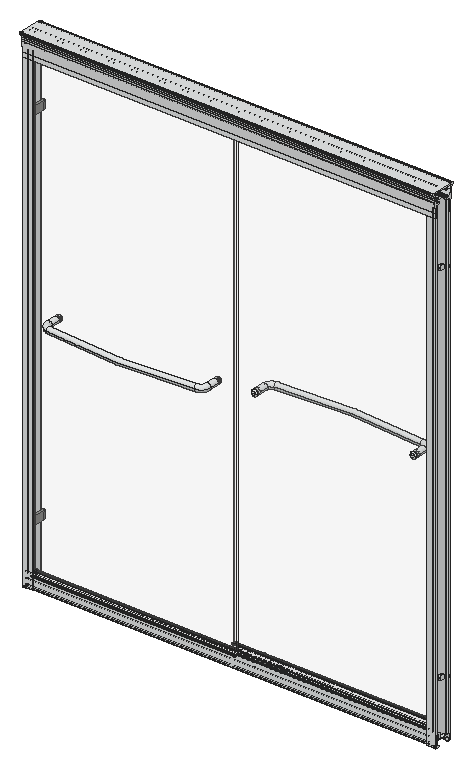
Revit family "Shower-Shower_Door-KOHLER-Fluence-K-702211", category Specialty Equipment, host Face, Revit 2021 (continued)
Definition of nested family "K-702211"
  Lines and regions (in)
    Masking region 2
      outline origin (13.1363, 2.44719, 48) x (0, 1, 0) y (0, 0, 1)
        loop
          arc (-1.52346, 13.33096) -> (-1.50881, 13.34006) -> (-1.50309, 13.35632) r 0.02597
          line (-1.50309, 13.35632) -> (-1.50309, 13.45204)
          arc (-1.50309, 13.45204) -> (-1.47502, 13.45167) -> (-1.46109, 13.4273) r 0.02829
          line (-1.46109, 13.4273) -> (-1.46109, 13.35725)
          arc (-1.46109, 13.35725) -> (-1.46799, 13.32613) -> (-1.48738, 13.30083) r 0.07368
          arc (-1.48738, 13.30083) -> (-1.66515, 13.25266) -> (-1.83501, 13.32388) r 0.28353
          arc (-1.83501, 13.32388) -> (-1.85018, 13.33344) -> (-1.86779, 13.33678) r 0.04811
          line (-1.86779, 13.33678) -> (-1.94477, 13.33678)
          arc (-1.94477, 13.33678) -> (-1.95979, 13.33023) -> (-1.96523, 13.31477) r 0.02051
          arc (-1.96523, 13.31477) -> (-1.93922, 12.84109) -> (-1.93055, 12.36678) r 12.97575
          line (-1.93055, 12.36678) -> (-1.93055, 13.25003) -> (-1.39274, 13.25003) -> (-1.39274, 13.50735) -> (-1.40673, 13.47989) -> (-1.51678, 13.47989) -> (-1.51678, 13.35356) -> (-1.54686, 13.32348) -> (-1.73673, 13.32348) -> (-1.76678, 13.35353) -> (-1.76678, 14.04453) -> (-1.73679, 14.07453) -> (-1.54664, 14.07453) -> (-1.51678, 14.04467) -> (-1.51678, 13.91833) -> (-1.40673, 13.91833) -> (-1.39274, 13.89087) -> (-1.39274, 13.94404)
          arc (-1.39274, 13.94404) -> (-1.35274, 13.98404) -> (-1.31274, 13.94404) r 0.04
          line (-1.31274, 13.94404) -> (-1.31274, 13.85217) -> (-1.27828, 13.85217)
          arc (-1.27828, 13.85217) -> (-1.20699, 13.8003) -> (-1.17314, 13.7189) r 0.16301
          line (-1.17314, 13.7189) -> (-1.24034, 13.7189) -> (-1.24034, 13.67889) -> (-1.17325, 13.67889)
          arc (-1.17325, 13.67889) -> (-1.20727, 13.59802) -> (-1.27828, 13.5465) r 0.16301
          line (-1.27828, 13.5465) -> (-1.31274, 13.5465) -> (-1.31274, 13.25003) -> (-0.4514, 13.25003) -> (-0.4514, 13.5465) -> (-0.48306, 13.5465)
          arc (-0.48306, 13.5465) -> (-0.55407, 13.59802) -> (-0.58809, 13.67889) r 0.16301
          line (-0.58809, 13.67889) -> (-0.521, 13.67889) -> (-0.521, 13.7189) -> (-0.5882, 13.7189)
          arc (-0.5882, 13.7189) -> (-0.55435, 13.8003) -> (-0.48306, 13.85217) r 0.16301
          line (-0.48306, 13.85217) -> (-0.4514, 13.85217) -> (-0.4514, 13.94404)
          arc (-0.4514, 13.94404) -> (-0.4114, 13.98404) -> (-0.3714, 13.94404) r 0.04
          line (-0.3714, 13.94404) -> (-0.3714, 13.89087) -> (-0.35741, 13.91833) -> (-0.2464, 13.91833) -> (-0.2464, 14.04563) -> (-0.2175, 14.07453) -> (-0.0264, 14.07453) -> (0.0036, 14.04453) -> (0.0036, 13.35347) -> (-0.02639, 13.32348) -> (-0.21632, 13.32348) -> (-0.2464, 13.35356) -> (-0.2464, 13.47989) -> (-0.35741, 13.47989) -> (-0.3714, 13.50735) -> (-0.3714, 13.25003) -> (0.16641, 13.25003) -> (0.16641, 12.36678)
          arc (0.16641, 12.36678) -> (0.17508, 12.84109) -> (0.20108, 13.31477) r 12.97575
          arc (0.20108, 13.31477) -> (0.19565, 13.33023) -> (0.18062, 13.33678) r 0.02051
          line (0.18062, 13.33678) -> (0.10365, 13.33678)
          arc (0.10365, 13.33678) -> (0.08603, 13.33344) -> (0.07087, 13.32388) r 0.04811
          arc (0.07087, 13.32388) -> (-0.09441, 13.25301) -> (-0.26907, 13.2958) r 0.28353
          arc (-0.26907, 13.2958) -> (-0.29331, 13.32237) -> (-0.30209, 13.35725) r 0.07368
          line (-0.30209, 13.35725) -> (-0.30209, 13.4273)
          arc (-0.30209, 13.4273) -> (-0.28816, 13.45167) -> (-0.26009, 13.45204) r 0.02829
          line (-0.26009, 13.45204) -> (-0.26009, 13.35632)
          arc (-0.26009, 13.35632) -> (-0.25542, 13.34146) -> (-0.24308, 13.33194) r 0.02597
          arc (-0.24308, 13.33194) -> (-0.18105, 13.31219) -> (-0.11658, 13.30313) r 0.38663
          arc (-0.11658, 13.30313) -> (-0.04699, 13.31554) -> (0.01991, 13.3384) r 0.46285
          line (0.01991, 13.3384) -> (0.01991, 13.38058)
          arc (0.01991, 13.38058) -> (0.02611, 13.39557) -> (0.0411, 13.40178) r 0.02119
          line (0.0411, 13.40178) -> (0.19004, 13.40178)
          arc (0.19004, 13.40178) -> (0.20503, 13.40749) -> (0.21241, 13.42172) r 0.02252
          arc (0.21241, 13.42172) -> (0.26778, 13.79181) -> (0.34801, 14.15733) r 5.54
          arc (0.34801, 14.15733) -> (0.43058, 14.38385) -> (0.5564, 14.58953) r 1.211
        loop
          arc (-1.39637, -47.07406) -> (-1.40172, -47.08811) -> (-1.41555, -47.094) r 0.01919
          line (-1.41555, -47.094) -> (-1.4718, -47.094)
          arc (-1.4718, -47.094) -> (-1.48579, -47.0998) -> (-1.49159, -47.1138) r 0.0198
          line (-1.49159, -47.1138) -> (-1.49159, -47.23049) -> (-1.44467, -47.23049)
          arc (-1.44467, -47.23049) -> (-1.46122, -47.2238) -> (-1.46771, -47.20717) r 0.02254
          line (-1.46771, -47.20717) -> (-1.46431, -47.1098) -> (-1.432, -47.1098)
          arc (-1.432, -47.1098) -> (-1.41711, -47.11328) -> (-1.40529, -47.12299) r 0.03363
          arc (-1.40529, -47.12299) -> (-1.38613, -47.14138) -> (-1.36233, -47.15317) r 0.08743
          line (-1.36233, -47.15317) -> (-1.37943, -46.66399) -> (-1.41242, -46.66399) -> (-1.39637, -47.07406)
        loop
          line (-1.52671, -46.36082) -> (-1.6673, -46.34834) -> (-1.68477, -46.37612) -> (-1.52849, -46.39274) -> (-1.52671, -46.36082)
        loop
          line (0.09641, -47.435) -> (0.11641, -47.46964) -> (0.11641, -47.40036) -> (0.09641, -47.435)
    Masking region 3
      outline origin (0, 0.23733, 31.19818) x (-1, 0, 0) y (0, -1, 0)
        loop
          line (30.532, 0.23733) -> (27.09748, 0.23733) -> (27.09748, 0.41203)
          arc (27.09748, 0.41203) -> (26.79095, 1.23135) -> (26.0219, 1.64825) r 1.24821
          arc (26.0219, 1.64825) -> (16.71361, 2.29361) -> (7.40572, 1.64251) r 67.15317
          arc (7.40572, 1.64251) -> (6.64906, 1.23188) -> (6.34752, 0.42552) r 1.22891
          line (6.34752, 0.42552) -> (6.34752, 0.23733) -> (-21.47587, 0.23733) -> (-21.47587, -2.89667) -> (30.532, -2.89667) -> (30.532, 0.23733)
        loop
          line (7.09748, 0.23733) -> (26.34752, 0.23733) -> (26.34752, 0.4276)
          arc (26.34752, 0.4276) -> (26.17068, 0.79773) -> (25.77163, 0.89273) r 0.47578
          arc (25.77163, 0.89273) -> (16.5638, 1.50537) -> (7.35865, 0.85379) r 67.3615
          arc (7.35865, 0.85379) -> (7.16786, 0.67452) -> (7.09748, 0.42235) r 0.48695
          line (7.09748, 0.42235) -> (7.09748, 0.23733)
    Masking region 4
      outline origin (0, 0, 0) x (1, 0, 0) y (0, 0, 1)
        loop
          line (-3.90075, 1.92671) -> (-3.90075, 59.72667) -> (-30.532, 59.72667) -> (-30.532, 0) -> (-29.32911, 0) -> (-29.32911, 1.92671) -> (-3.90075, 1.92671)
    Masking region 5
      outline origin (0, 0.23733, 31.19818) x (-1, 0, 0) y (0, -1, 0)
        loop
          arc (1.5042, -4.42675) -> (2.36128, -3.98831) -> (2.71648, -3.09352) r 1.36634
          line (2.71648, -3.09352) -> (2.71648, -2.89667) -> (1.96639, -2.89667) -> (1.96639, -3.09352)
          arc (1.96639, -3.09352) -> (1.84044, -3.40838) -> (1.54017, -3.566) r 0.48988
          arc (1.54017, -3.566) -> (-7.6662, -4.16506) -> (-16.87256, -3.566) r 71.0415
          arc (-16.87256, -3.566) -> (-17.16863, -3.38793) -> (-17.28485, -3.06258) r 0.5135
          line (-17.28485, -3.06258) -> (-17.28485, -2.89667) -> (-18.03304, -2.89667) -> (-18.03304, -3.06258)
          arc (-18.03304, -3.06258) -> (-17.68008, -3.98103) -> (-16.80288, -4.42675) r 1.37148
          arc (-16.80288, -4.42675) -> (-7.64934, -4.94372) -> (1.5042, -4.42675) r 81.29638
    symbolic lines, detail levels medium+fine
      curve 1: line (20.1048, 0.56672, 0) -> (20.1048, 0.56672, 61.25003)
      curve 2: line (20.1048, 0.5327, 61.25003) -> (20.1048, 0.5327, 0)
      curve 3: line (20.1048, 0.5247, 61.25003) -> (20.1048, 0.5247, 0)
      curve 4: line (20.1048, 0.57472, 61.25003) -> (20.1048, 0.57472, 0)
      curve 5: line (20.1048, 2.48253, 0.71783) -> (20.1048, 1.00253, 0.76951)
      curve 6: line (20.1048, 2.4825, 0.7488) -> (20.1048, 1.14254, 0.79507)
      curve 7: arc (20.1048, 2.56175, 0.64896) -> (20.1048, 2.54518, 0.71718) -> (20.1048, 2.4825, 0.7488) r 0.08372
      curve 8: arc (20.1048, 2.56302, 0.63448) -> (20.1048, 2.53961, 0.69242) -> (20.1048, 2.48253, 0.71783) r 0.0834
      curve 9: line (20.1048, 0.982, 0.86506) -> (20.1048, 1.00716, 0.86506)
      curve 10: arc (20.1048, 1.00716, 0.86506) -> (20.1048, 1.0217, 0.86307) -> (20.1048, 1.03517, 0.85725) r 0.0541
      curve 11: line (20.1048, 1.06777, 1.33601) -> (20.1048, 1.05948, 1.57316)
      curve 12: line (20.1048, 1.03477, 1.33601) -> (20.1048, 1.02666, 1.5433)
      curve 13: line (20.1048, 0.97216, 1.60158) -> (20.1048, 0.9187, 1.60726)
      curve 14: arc (20.1048, 1.02666, 1.5433) -> (20.1048, 1.01026, 1.58259) -> (20.1048, 0.97216, 1.60158) r 0.061
      curve 15: arc (20.1048, 1.14254, 0.79507) -> (20.1048, 1.1043, 0.81047) -> (20.1048, 1.08486, 0.84683) r 0.06038
      curve 16: arc (20.1048, 1.03517, 0.85725) -> (20.1048, 1.05913, 0.84781) -> (20.1048, 1.08486, 0.84683) r 0.07667
      curve 17: line (20.1048, 1.00394, 1.63176) -> (20.1048, 0.92048, 1.63918)
      curve 18: line (20.1048, 0.77989, 1.65166) -> (20.1048, 0.72429, 1.65696)
      curve 19: line (20.1048, 0.76243, 1.62388) -> (20.1048, 0.70715, 1.62969)
      curve 20: arc (20.1048, 1.05948, 1.57316) -> (20.1048, 1.0428, 1.61297) -> (20.1048, 1.00394, 1.63176) r 0.06097
      curve 21: line (20.1048, 0.97031, 1.63475) -> (20.1048, 0.9686, 1.60195)
      curve 22: line (20.1048, 0.97641, 1.63421) -> (20.1048, 0.97641, 1.60097)
      curve 23: line (20.1048, 0.97641, 1.42237) -> (20.1048, 0.97641, 1.54893)
      curve 24: arc (20.1048, 0.98666, 1.41455) -> (20.1048, 0.9796, 1.41593) -> (20.1048, 0.97641, 1.42237) r 0.00811
      curve 25: arc (20.1048, 1.03247, 1.39494) -> (20.1048, 1.04897, 1.39026) -> (20.1048, 1.06596, 1.38782) r 0.12854
      curve 26: line (20.1048, 0.73576, 1.58146) -> (20.1048, 0.69494, 1.5858)
      curve 27: line (20.1048, 0.6746, 1.56751) -> (20.1048, 0.6746, 1.48969)
      curve 28: line (20.1048, 0.6296, 1.50495) -> (20.1048, 0.6296, 1.41568)
      curve 29: arc (20.1048, 0.69494, 1.5858) -> (20.1048, 0.68069, 1.58119) -> (20.1048, 0.6746, 1.56751) r 0.01839
      curve 30: arc (20.1048, 0.59121, 1.44543) -> (20.1048, 0.58974, 1.43659) -> (20.1048, 0.59121, 1.42775) r 0.02721
      curve 31: line (20.1048, 0.95641, 1.38601) -> (20.1048, 0.96597, 1.55698)
      curve 32: line (20.1048, 0.98778, 1.38601) -> (20.1048, 0.95641, 1.38601)
      curve 33: line (20.1048, 0.98115, 1.55537) -> (20.1048, 0.98974, 1.33601)
      curve 34: line (20.1048, 0.91618, 1.56227) -> (20.1048, 0.98115, 1.55537)
      curve 35: arc (20.1048, 0.96597, 1.55698) -> (20.1048, 0.97868, 1.54559) -> (20.1048, 0.98219, 1.52888) r 0.02743
      curve 36: line (20.1048, 1.03282, 1.38601) -> (20.1048, 1.06602, 1.38601)
      curve 37: line (20.1048, 1.06145, 0.78904) -> (20.1048, 1.64435, 0.76868)
      curve 38: arc (20.1048, 1.00382, 0.8065) -> (20.1048, 1.0315, 0.79401) -> (20.1048, 1.06145, 0.78904) r 0.11746
      curve 39: line (20.1048, 1.00382, 0.8065) -> (20.1048, 1.00382, 0.86506)
      curve 40: line (20.1048, 2.6056, 61.25003) -> (20.1048, 2.6056, 0)
      curve 41: line (20.1048, 2.5716, 61.25003) -> (20.1048, 2.5716, 0)
      curve 42: line (20.1048, 2.5636, 0) -> (20.1048, 2.5636, 0.53036)
      curve 43: line (20.1048, 2.6136, 0.14503) -> (20.1048, 2.6136, 1.60672)
      curve 44: line (20.1048, 2.5636, 0.59964) -> (20.1048, 2.5636, 61.25003)
      curve 45: line (20.1048, 2.5496, 61.25003) -> (20.1048, 2.5496, 0.71107)
      curve 46: arc (20.1048, 4.02527, 31.57321) -> (20.1048, 4.39929, 31.19919) -> (20.1048, 4.02527, 30.82518) r 0.37402
      curve 47: line (20.1048, 3.0406, 31.57321) -> (20.1048, 3.0406, 30.82518)
      curve 48: arc (20.1048, -0.89503, 31.57321) -> (20.1048, -1.26905, 31.19919) -> (20.1048, -0.89503, 30.82518) r 0.37402
      curve 49: line (20.1048, 0.08964, 31.57321) -> (20.1048, 0.08964, 30.82518)
      curve 50: arc (20.1048, 2.5476, 0) -> (20.1048, 2.55891, 0.00469) -> (20.1048, 2.5636, 0.016) r 0.016
      curve 51: line (20.1048, 1.68539, 7.67378) -> (20.1048, 1.46281, 7.67378)
      curve 52: arc (20.1048, 1.46281, 7.67378) -> (20.1048, 1.41862, 7.65548) -> (20.1048, 1.40032, 7.61129) r 0.06249
      curve 53: line (20.1048, 1.40032, 7.61129) -> (20.1048, 1.40032, 7.38871)
      curve 54: arc (20.1048, 1.40032, 7.38871) -> (20.1048, 1.41862, 7.34452) -> (20.1048, 1.46281, 7.32622) r 0.06249
      curve 55: line (20.1048, 1.46281, 7.32622) -> (20.1048, 1.68539, 7.32622)
      curve 56: arc (20.1048, 1.68539, 7.32622) -> (20.1048, 1.72958, 7.34452) -> (20.1048, 1.74788, 7.38871) r 0.06249
      curve 57: line (20.1048, 1.74788, 7.38871) -> (20.1048, 1.74788, 7.61129)
      curve 58: arc (20.1048, 1.74788, 7.61129) -> (20.1048, 1.72958, 7.65548) -> (20.1048, 1.68539, 7.67378) r 0.06249
      curve 59: line (20.1048, 1.69285, 7.74375) -> (20.1048, 1.45535, 7.74375)
      curve 60: arc (20.1048, 1.45535, 7.74375) -> (20.1048, 1.36696, 7.70714) -> (20.1048, 1.33035, 7.61875) r 0.125
      curve 61: line (20.1048, 1.33035, 7.61875) -> (20.1048, 1.33035, 7.38125)
      curve 62: arc (20.1048, 1.33035, 7.38125) -> (20.1048, 1.36696, 7.29286) -> (20.1048, 1.45535, 7.25625) r 0.125
      curve 63: line (20.1048, 1.45535, 7.25625) -> (20.1048, 1.69285, 7.25625)
      curve 64: arc (20.1048, 1.69285, 7.25625) -> (20.1048, 1.78124, 7.29286) -> (20.1048, 1.81785, 7.38125) r 0.125
      curve 65: line (20.1048, 1.81785, 7.38125) -> (20.1048, 1.81785, 7.61875)
      curve 66: arc (20.1048, 1.81785, 7.61875) -> (20.1048, 1.78124, 7.70714) -> (20.1048, 1.69285, 7.74375) r 0.125
      curve 67: line (20.1048, 1.69285, 7.73588) -> (20.1048, 1.45535, 7.73588)
      curve 68: arc (20.1048, 1.45535, 7.73588) -> (20.1048, 1.37253, 7.70157) -> (20.1048, 1.33822, 7.61875) r 0.11713
      curve 69: line (20.1048, 1.33822, 7.61875) -> (20.1048, 1.33822, 7.38125)
      curve 70: arc (20.1048, 1.33822, 7.38125) -> (20.1048, 1.37253, 7.29843) -> (20.1048, 1.45535, 7.26412) r 0.11713
      curve 71: line (20.1048, 1.45535, 7.26412) -> (20.1048, 1.69285, 7.26412)
      curve 72: arc (20.1048, 1.69285, 7.26412) -> (20.1048, 1.77567, 7.29843) -> (20.1048, 1.80997, 7.38125) r 0.11713
      curve 73: line (20.1048, 1.80997, 7.38125) -> (20.1048, 1.80997, 7.61875)
      curve 74: arc (20.1048, 1.80997, 7.61875) -> (20.1048, 1.77567, 7.70157) -> (20.1048, 1.69285, 7.73588) r 0.11713
      curve 75: line (20.1048, 2.68115, 7.3125) -> (20.1048, 2.68115, 7.6875)
      curve 76: arc (20.1048, 2.67509, 7.2568) -> (20.1048, 2.67963, 7.28449) -> (20.1048, 2.68115, 7.3125) r 0.25877
      curve 77: arc (20.1048, 2.67509, 7.2568) -> (20.1048, 2.64285, 7.23237) -> (20.1048, 2.6136, 7.26031) r 0.03119
      curve 78: arc (20.1048, 2.68115, 7.6875) -> (20.1048, 2.67967, 7.71473) -> (20.1048, 2.67525, 7.74164) r 0.25128
      curve 79: arc (20.1048, 2.67525, 7.74164) -> (20.1048, 2.64591, 7.7668) -> (20.1048, 2.6136, 7.74558) r 0.03215
      curve 80: line (20.1048, 2.67043, 7.75282) -> (20.1048, 2.67043, 7.87253)
      curve 81: arc (20.1048, 2.67043, 7.87253) -> (20.1048, 2.66962, 7.89711) -> (20.1048, 2.66721, 7.92159) r 0.3763
      curve 82: arc (20.1048, 2.6136, 7.9674) -> (20.1048, 2.64369, 7.94834) -> (20.1048, 2.66721, 7.92159) r 0.12537
      curve 83: line (20.1048, 2.6136, 7.97377) -> (20.1048, 2.6136, 7.0272)
      curve 84: arc (20.1048, 2.66721, 7.92159) -> (20.1048, 2.63573, 7.93184) -> (20.1048, 2.6136, 7.90723) r 0.03036
      curve 85: arc (20.1048, 2.68115, 7.3125) -> (20.1048, 2.67967, 7.28527) -> (20.1048, 2.67525, 7.25836) r 0.25128
      curve 86: arc (20.1048, 2.67525, 7.25836) -> (20.1048, 2.64591, 7.2332) -> (20.1048, 2.6136, 7.25442) r 0.03215
      curve 87: line (20.1048, 2.67043, 7.24718) -> (20.1048, 2.67043, 7.12747)
      curve 88: arc (20.1048, 2.67043, 7.12747) -> (20.1048, 2.66962, 7.10289) -> (20.1048, 2.66721, 7.07841) r 0.3763
      curve 89: arc (20.1048, 2.6136, 7.0326) -> (20.1048, 2.64369, 7.05166) -> (20.1048, 2.66721, 7.07841) r 0.12537
      curve 90: arc (20.1048, 2.66721, 7.07841) -> (20.1048, 2.63573, 7.06816) -> (20.1048, 2.6136, 7.09277) r 0.03036
      curve 91: line (20.1048, 2.68115, 53.56296) -> (20.1048, 2.68115, 53.93796)
      curve 92: arc (20.1048, 2.67509, 53.50726) -> (20.1048, 2.67963, 53.53494) -> (20.1048, 2.68115, 53.56296) r 0.25877
      curve 93: arc (20.1048, 2.67509, 53.50726) -> (20.1048, 2.64285, 53.48283) -> (20.1048, 2.6136, 53.51076) r 0.03119
      curve 94: arc (20.1048, 2.68115, 53.93796) -> (20.1048, 2.67967, 53.96519) -> (20.1048, 2.67525, 53.9921) r 0.25128
      curve 95: arc (20.1048, 2.67525, 53.9921) -> (20.1048, 2.64591, 54.01725) -> (20.1048, 2.6136, 53.99603) r 0.03215
      curve 96: line (20.1048, 2.67043, 54.00327) -> (20.1048, 2.67043, 54.12298)
      curve 97: arc (20.1048, 2.67043, 54.12298) -> (20.1048, 2.66962, 54.14757) -> (20.1048, 2.66721, 54.17205) r 0.3763
      curve 98: arc (20.1048, 2.6136, 54.21785) -> (20.1048, 2.64369, 54.1988) -> (20.1048, 2.66721, 54.17205) r 0.12537
      curve 99: line (20.1048, 2.6136, 54.22182) -> (20.1048, 2.6136, 53.2771)
      curve 100: arc (20.1048, 2.66721, 54.17205) -> (20.1048, 2.63573, 54.1823) -> (20.1048, 2.6136, 54.15768) r 0.03036
      curve 101: arc (20.1048, 2.68115, 53.56296) -> (20.1048, 2.67967, 53.53573) -> (20.1048, 2.67525, 53.50882) r 0.25128
      curve 102: arc (20.1048, 2.67525, 53.50882) -> (20.1048, 2.64591, 53.48366) -> (20.1048, 2.6136, 53.50488) r 0.03215
      curve 103: line (20.1048, 2.67043, 53.49764) -> (20.1048, 2.67043, 53.37793)
      curve 104: arc (20.1048, 2.67043, 53.37793) -> (20.1048, 2.66962, 53.35334) -> (20.1048, 2.66721, 53.32886) r 0.3763
      curve 105: arc (20.1048, 2.6136, 53.28306) -> (20.1048, 2.64369, 53.30212) -> (20.1048, 2.66721, 53.32886) r 0.12537
      curve 106: arc (20.1048, 2.66721, 53.32886) -> (20.1048, 2.63573, 53.31861) -> (20.1048, 2.6136, 53.34323) r 0.03036
      curve 107: line (20.1048, 1.68539, 53.92381) -> (20.1048, 1.46281, 53.92381)
      curve 108: arc (20.1048, 1.46281, 53.92381) -> (20.1048, 1.41862, 53.90551) -> (20.1048, 1.40032, 53.86132) r 0.06249
      curve 109: line (20.1048, 1.40032, 53.86132) -> (20.1048, 1.40032, 53.63874)
      curve 110: arc (20.1048, 1.40032, 53.63874) -> (20.1048, 1.41862, 53.59455) -> (20.1048, 1.46281, 53.57625) r 0.06249
      curve 111: line (20.1048, 1.46281, 53.57625) -> (20.1048, 1.68539, 53.57625)
      curve 112: arc (20.1048, 1.68539, 53.57625) -> (20.1048, 1.72958, 53.59455) -> (20.1048, 1.74788, 53.63874) r 0.06249
      curve 113: line (20.1048, 1.74788, 53.63874) -> (20.1048, 1.74788, 53.86132)
      curve 114: arc (20.1048, 1.74788, 53.86132) -> (20.1048, 1.72958, 53.90551) -> (20.1048, 1.68539, 53.92381) r 0.06249
      curve 115: line (20.1048, 1.69285, 53.99378) -> (20.1048, 1.45535, 53.99378)
      curve 116: arc (20.1048, 1.45535, 53.99378) -> (20.1048, 1.36696, 53.95717) -> (20.1048, 1.33035, 53.86878) r 0.125
      curve 117: line (20.1048, 1.33035, 53.86878) -> (20.1048, 1.33035, 53.63128)
      curve 118: arc (20.1048, 1.33035, 53.63128) -> (20.1048, 1.36696, 53.54289) -> (20.1048, 1.45535, 53.50628) r 0.125
      curve 119: line (20.1048, 1.45535, 53.50628) -> (20.1048, 1.69285, 53.50628)
      curve 120: arc (20.1048, 1.69285, 53.50628) -> (20.1048, 1.78124, 53.54289) -> (20.1048, 1.81785, 53.63128) r 0.125
      curve 121: line (20.1048, 1.81785, 53.63128) -> (20.1048, 1.81785, 53.86878)
      curve 122: arc (20.1048, 1.81785, 53.86878) -> (20.1048, 1.78124, 53.95717) -> (20.1048, 1.69285, 53.99378) r 0.125
      curve 123: line (20.1048, 1.69285, 53.98591) -> (20.1048, 1.45535, 53.98591)
      curve 124: arc (20.1048, 1.45535, 53.98591) -> (20.1048, 1.37253, 53.9516) -> (20.1048, 1.33822, 53.86878) r 0.11713
      curve 125: line (20.1048, 1.33822, 53.86878) -> (20.1048, 1.33822, 53.63128)
      curve 126: arc (20.1048, 1.33822, 53.63128) -> (20.1048, 1.37253, 53.54846) -> (20.1048, 1.45535, 53.51415) r 0.11713
      curve 127: line (20.1048, 1.45535, 53.51415) -> (20.1048, 1.69285, 53.51415)
      curve 128: arc (20.1048, 1.69285, 53.51415) -> (20.1048, 1.77567, 53.54846) -> (20.1048, 1.80997, 53.63128) r 0.11713
      curve 129: line (20.1048, 1.80997, 53.63128) -> (20.1048, 1.80997, 53.86878)
      curve 130: arc (20.1048, 1.80997, 53.86878) -> (20.1048, 1.77567, 53.9516) -> (20.1048, 1.69285, 53.98591) r 0.11713
      curve 131: arc (20.1048, 2.65288, 1.52525) -> (20.1048, 2.64228, 1.55963) -> (20.1048, 2.6136, 1.58135) r 0.05862
      curve 132: arc (20.1048, 1.64435, 0.76868) -> (20.1048, 1.66747, 0.77017) -> (20.1048, 1.68984, 0.77617) r 0.11719
      curve 133: line (20.1048, 1.9853, 0.75678) -> (20.1048, 2.46298, 0.7401)
      curve 134: arc (20.1048, 1.94075, 0.76751) -> (20.1048, 1.96248, 0.75989) -> (20.1048, 1.9853, 0.75678) r 0.11452
      curve 135: arc (20.1048, 2.46298, 0.7401) -> (20.1048, 2.48363, 0.74103) -> (20.1048, 2.50386, 0.74526) r 0.12887
      curve 136: line (20.1048, 2.6136, 60.36678) -> (20.1048, 2.6136, 59.72678)
      curve 137: line (20.1048, 2.4208, 61.32348) -> (20.1048, 2.42079, 62.07453)
      curve 138: line (20.1048, 2.20079, 61.91833) -> (20.1048, 2.20079, 61.47989)
      curve 139: line (20.1048, 2.22989, 62.07473) -> (20.1048, 2.23087, 61.32348)
      curve 140: line (20.1048, 2.07579, 61.89087) -> (20.1048, 2.07579, 61.50735)
      curve 141: line (20.1048, 2.08978, 61.91833) -> (20.1048, 2.08978, 61.47989)
      curve 142: line (20.1048, 0.71046, 61.32348) -> (20.1048, 0.71041, 62.07453)
      curve 143: line (20.1048, 0.93041, 61.91833) -> (20.1048, 0.93041, 61.47989)
      curve 144: line (20.1048, 0.90055, 62.07453) -> (20.1048, 0.90033, 61.32348)
      curve 145: line (20.1048, 1.05445, 61.89087) -> (20.1048, 1.05445, 61.50735)
      curve 146: line (20.1048, 1.04046, 61.91833) -> (20.1048, 1.04046, 61.47989)
      curve 147: line (20.1048, 1.13445, 61.25003) -> (20.1048, 1.05445, 61.25003)
      curve 148: line (20.1048, 2.07579, 61.25003) -> (20.1048, 1.99579, 61.25003)
      curve 149: line (20.1048, 0.51664, 60.36678) -> (20.1048, 0.51664, 59.72678)
      curve 150: line (20.1048, 0.51664, 31.57321) -> (20.1048, 0.51668, 30.82518)
      curve 151: line (20.1048, 2.6136, 31.57321) -> (20.1048, 2.6136, 30.82518)
      curve 152: line (-30.532, 0, 59.72667) -> (21.47587, 0, 59.72667)
      curve 153: line (20.27248, 0, 59.72667) -> (20.27248, 0, 0)
      curve 154: line (20.27248, 0, 1.63095) -> (-29.33887, 0, 1.63095)
      curve 155: line (-3.816, 0, 1.63095) -> (-3.816, 0, 1.92671)
      curve 156: line (-29.32911, 0, 1.92671) -> (-29.32911, 0, 59.72667)
      curve 157: line (-3.91915, 0, 1.92671) -> (-3.91915, 0, 59.72667)
      curve 158: line (-6.72247, 0, 31.57321) -> (-26.7225, 0, 31.57321)
      curve 159: line (-26.72233, 0, 30.82317) -> (-6.7191, 0, 30.82317)
      curve 160: arc (-6.7191, 0, 30.82317) -> (-6.34745, 0, 31.19987) -> (-6.72247, 0, 31.57321) r 0.37503
      curve 161: arc (-26.7225, 0, 31.57321) -> (-27.09752, 0, 31.1981) -> (-26.72233, 0, 30.82317) r 0.37502
      curve 162: line (-8.17469, 0, 31.19818) -> (-7.42472, 0, 31.19818)
      curve 163: line (-28.17469, 0, 31.19818) -> (-27.42472, 0, 31.19818)
      curve 164: line (-30.532, 3.08477, 31.19818) -> (21.47587, 3.08477, 31.19818)
      curve 165: line (21.47587, 0.04923, 31.19818) -> (-30.532, 0.04923, 31.19818)
      curve 166: circle (17.6585, 0, 31.19818) r 0.37503 normal (0, -1, 0)
      curve 167: circle (-2.3415, 0, 31.19818) r 0.37503 normal (0, -1, 0)
      curve 168: line (-3.91915, 0, 1.92671) -> (20.27248, 0, 1.92671)
      curve 169: line (-7.09748, 0, 31.19818) -> (-6.34752, 0, 31.19818)
      curve 170: line (-27.09748, 0, 31.19818) -> (-26.34752, 0, 31.19818)
      curve 171: line (0, 1.99579, 61.85217) -> (0, 1.99579, 61.5465)
      curve 172: line (0, 1.13445, 61.85217) -> (0, 1.13445, 61.5465)
  Dimensions and locks (in)
    locked: plane 5 to plane 3 "Center (Left/Right)" at 30.532
    locked: Extrusion 12 sketch curve to plane 8 at 0.06252
    "Width": plane 4 to plane 5
    locked: Extrusion 19 sketch curve to plane 4 at 0.99017
    locked: plane 10 to plane 4 at 0.4825
    locked: plane 15 "WALK THRU PLANE" to plane 5 at 26.63125
    "Walk Thru": plane 16 "WTP1" to plane 15 "WALK THRU PLANE"
    locked: plane 8 to plane 4 at 0.907
    plane 17 "FH2" to plane 19 to plane 18 "FH1" = 10" locked, 10" locked
    plane 4 to plane 16 "WTP1" = 1.20339"
    plane 7 to plane 20 = 7.23733"
    locked: plane 21 "M1" to Extrusion 12 sketch curve at 0.06185
    plane 14 to level = 30.82518"
    plane 13 to plane 14 = 0.74803"
    locked: plane 30 to plane 4 at 3.97737
    locked: plane 30 to plane 29 at 0.16
    plane 28 "M2" to plane 32 to plane 29 = 9.99802" locked, 10.00198" locked
    locked: plane 28 "M2" to plane 31 "M3" at 0.16
    locked: plane 21 "M1" to plane 28 "M2" at 2.9065
    Sweep 13 sketch curve to plane 32 to Sweep 13 sketch curve = 9.99802" locked, 10.00198" locked
    locked: Masking region 5 sketch curve to plane 28 "M2" at 0.37498
    locked: plane 29 to Masking region 5 sketch curve at 0.37454
    plane 36 to plane 35 = 20.74996"
    aligned and locked: plane 2 to level
    aligned and locked: plane 4 to Extrusion 4
    aligned and locked: Extrusion 10 to plane 8
    aligned and locked: plane 4 to Extrusion 1
    aligned and locked: plane 4 to Extrusion 14
    aligned and locked: plane 4 to Extrusion 2
    aligned and locked: Extrusion 15 to plane 5
    aligned and locked: Extrusion 21 to plane 10
    aligned and locked: Extrusion 22 to plane 10
    aligned and locked: plane 4 to Extrusion 26
    aligned and locked: Extrusion 26 to plane 5
    aligned and locked: Extrusion 2 to plane 16 "WTP1"
    aligned and locked: Extrusion 10 to plane 21 "M1"
    aligned and locked: plane 28 "M2" to Sweep 13 sketch curve
    aligned and locked: Sweep 13 sketch curve to plane 29
  Automatic sketch dimensions
    Extrusion 1 sketch curve to level = 0"  (x2)
    Extrusion 1 sketch curve to level = 0.05241"
    plane 25 to Extrusion 1 sketch curve = 0.38871"
    level to Extrusion 1 sketch curve = 0.01987"
    Extrusion 1 sketch curve to Extrusion 1 sketch curve = 0.0419"
    Extrusion 1 sketch curve to Extrusion 1 sketch curve = 0.06566"
    Extrusion 1 sketch curve to Extrusion 1 sketch curve = 0.01104"
    Extrusion 1 sketch curve to Extrusion 1 sketch curve = 0.045"
    Extrusion 1 sketch curve to Extrusion 1 sketch curve = 0.01427"
    Extrusion 1 sketch curve to Extrusion 1 sketch curve = 0.04235"
    plane 11 to Extrusion 1 sketch curve = 0.00008"
    Extrusion 1 sketch curve to Extrusion 1 sketch curve = 0.00627"
    level to Extrusion 1 sketch curve = 0.016"
    Extrusion 1 sketch curve to Extrusion 1 sketch curve = 0.04649"  (x2)
    Extrusion 1 sketch curve to Extrusion 1 sketch curve = 0.02382"
    Extrusion 1 sketch curve to Extrusion 1 sketch curve = 0.01088"
    Extrusion 1 sketch curve to plane 11 = 0.04595"
    Extrusion 1 sketch curve to Extrusion 1 sketch curve = 0.01354"
    plane 25 to Extrusion 1 sketch curve = 0.11341"
    Extrusion 1 sketch curve to Extrusion 1 sketch curve = 0.00457"
    Extrusion 1 sketch curve to Extrusion 1 sketch curve = 0.0068"
    plane 25 to Extrusion 1 sketch curve = 0.0796"
    Extrusion 1 sketch curve to Extrusion 1 sketch curve = 0.00139"
    Extrusion 1 sketch curve to Extrusion 1 sketch curve = 0.0459"
    plane 25 to Extrusion 1 sketch curve = 0.06581"
    plane 25 to Extrusion 1 sketch curve = 0.04681"
    plane 25 to Extrusion 1 sketch curve = 0.02081"
    plane 25 to Extrusion 1 sketch curve = 0.01992"
    plane 25 to Extrusion 1 sketch curve = 0.01722"
    plane 25 to Extrusion 1 sketch curve = 0.01196"
    plane 25 to Extrusion 1 sketch curve = 0.00959"
    plane 25 to Extrusion 1 sketch curve = 1/128"
    plane 25 to Extrusion 1 sketch curve = 0.00326"
    plane 25 to Extrusion 1 sketch curve = 0.00197"
    plane 25 to Extrusion 1 sketch curve = 0.00106"
    plane 25 to Extrusion 1 sketch curve = 0.00028"
    Extrusion 1 sketch curve to plane 25 = 0.00034"
    Extrusion 1 sketch curve to Extrusion 1 sketch curve = 0.00012"
    Extrusion 1 sketch curve to plane 25 = 0.00176"
    Extrusion 1 sketch curve to plane 25 = 0.00561"
    Extrusion 1 sketch curve to Extrusion 1 sketch curve = 0.02563"
    Extrusion 1 sketch curve to Extrusion 1 sketch curve = 0.0446"
    Extrusion 1 sketch curve to plane 25 = 0.05507"
    Extrusion 1 sketch curve to Extrusion 1 sketch curve = 0.01933"
    Extrusion 1 sketch curve to plane 22 = 0.13624"
    Extrusion 1 sketch curve to Extrusion 1 sketch curve = 0.0009"
    Extrusion 1 sketch curve to Extrusion 1 sketch curve = 0.04312"
    Extrusion 1 sketch curve to Extrusion 1 sketch curve = 0.00138"
    Extrusion 1 sketch curve to Extrusion 1 sketch curve = 0.13784"
    Extrusion 1 sketch curve to Extrusion 1 sketch curve = 0.00042"
    Extrusion 1 sketch curve to Extrusion 1 sketch curve = 0.00655"
    Extrusion 1 sketch curve to Extrusion 1 sketch curve = 0.00291"
    Extrusion 1 sketch curve to Extrusion 1 sketch curve = 0.0198"
    Extrusion 1 sketch curve to Extrusion 1 sketch curve = 0.02488"
    Extrusion 1 sketch curve to Extrusion 1 sketch curve = 0.02034"
    Extrusion 1 sketch curve to Extrusion 1 sketch curve = 0.0225"  (x2)
    Extrusion 1 sketch curve to Extrusion 1 sketch curve = 0.02"  (x2)
    Extrusion 1 sketch curve to level = 0.11819"
    Extrusion 1 sketch curve to Extrusion 1 sketch curve = 0.07928"
    Extrusion 1 sketch curve to Extrusion 1 sketch curve = 0.04638"
    Extrusion 1 sketch curve to Extrusion 1 sketch curve = 0.06893"
    Extrusion 1 sketch curve to level = 0.03962"
    level to Extrusion 1 sketch curve = 0.01498"
    level to Extrusion 1 sketch curve = 0.02241"
    Extrusion 1 sketch curve to Extrusion 1 sketch curve = 0.04899"
    Extrusion 1 sketch curve to Extrusion 1 sketch curve = 0.01499"
    Extrusion 1 sketch curve to Extrusion 1 sketch curve = 0.09467"
    Extrusion 1 sketch curve to Extrusion 1 sketch curve = 0.42595"
    Extrusion 1 sketch curve to Extrusion 1 sketch curve = 0.00357"
    Extrusion 1 sketch curve to Extrusion 1 sketch curve = 0.03464"  (x2)
    Extrusion 1 sketch curve to Extrusion 1 sketch curve = 0.0309"
    Extrusion 1 sketch curve to Extrusion 1 sketch curve = 0.03496"
    Extrusion 1 sketch curve to Extrusion 1 sketch curve = 0.02056"
    Extrusion 1 sketch curve to Extrusion 1 sketch curve = 0.01731"
    Extrusion 1 sketch curve to Extrusion 1 sketch curve = 0.02589"
    Extrusion 1 sketch curve to Extrusion 1 sketch curve = 0.58451"
    Extrusion 1 sketch curve to Extrusion 1 sketch curve = 0.02114"
    Extrusion 1 sketch curve to Extrusion 1 sketch curve = 0.09455"
    Extrusion 1 sketch curve to Extrusion 1 sketch curve = 0.00645"
    Extrusion 1 sketch curve to Extrusion 1 sketch curve = 0.01935"
    Extrusion 1 sketch curve to Extrusion 1 sketch curve = 0.0698"
    Extrusion 1 sketch curve to Extrusion 1 sketch curve = 0.001"  (x2)
    Extrusion 1 sketch curve to plane 11 = 0.09866"
    Extrusion 1 sketch curve to Extrusion 1 sketch curve = 0.00966"
    Extrusion 1 sketch curve to Extrusion 1 sketch curve = 0.011"
    Extrusion 1 sketch curve to Extrusion 1 sketch curve = 0.01124"
    Extrusion 1 sketch curve to Extrusion 1 sketch curve = 0"  (x5)
    Extrusion 1 sketch curve to Extrusion 1 sketch curve = 0.0849"
    Extrusion 1 sketch curve to Extrusion 1 sketch curve = 0.00072"
    plane 11 to Extrusion 2 sketch curve = 0.038"
    plane 25 to Extrusion 2 sketch curve = 0.39132"
    Extrusion 2 sketch curve to plane 25 = 0.02347"
    plane 11 to Extrusion 2 sketch curve = 0.0007"
    Extrusion 2 sketch curve to plane 25 = 0.02874"
    Extrusion 2 sketch curve to plane 11 = 0.05658"
    Extrusion 2 sketch curve to Extrusion 2 sketch curve = 0.05956"
    Extrusion 2 sketch curve to plane 25 = 0.10829"
    plane 24 to Extrusion 2 sketch curve = 0.06543"
    Extrusion 2 sketch curve to Extrusion 2 sketch curve = 0.00201"
    Extrusion 2 sketch curve to plane 22 = 0.39651"
    Extrusion 2 sketch curve to Extrusion 2 sketch curve = 0.72096"
    Extrusion 2 sketch curve to Extrusion 2 sketch curve = 0.00204"
    level to Extrusion 2 sketch curve = 0.74642"
    Extrusion 2 sketch curve to level = 0.19685"
    Extrusion 3 sketch curve to plane 5 = 0"  (x2)
    plane 5 to Extrusion 3 sketch curve = 0.41613"
    plane 5 to Extrusion 3 sketch curve = 0.46097"
    plane 5 to Extrusion 3 sketch curve = 0.46214"
    Extrusion 3 sketch curve to Extrusion 3 sketch curve = 0.02103"  (x2)
    Extrusion 3 sketch curve to Extrusion 3 sketch curve = 0.02786"  (x2)
    plane 5 to Extrusion 3 sketch curve = 0.50787"
    plane 5 to Extrusion 3 sketch curve = 0.51877"
    Extrusion 3 sketch curve to Extrusion 3 sketch curve = 0.05"
    Extrusion 3 sketch curve to Extrusion 3 sketch curve = 0.02094"
    Extrusion 3 sketch curve to Extrusion 3 sketch curve = 0.62561"
    plane 7 to Extrusion 3 sketch curve = 10.95005"
    Extrusion 3 sketch curve to Extrusion 3 sketch curve = 1.71819"
    Extrusion 3 sketch curve to Extrusion 3 sketch curve = 3.79"
    plane 25 to Extrusion 3 sketch curve = 0.4519"
    plane 25 to Extrusion 3 sketch curve = 0.43456"
    Extrusion 3 sketch curve to Extrusion 3 sketch curve = 0.04958"
    Extrusion 3 sketch curve to Extrusion 3 sketch curve = 0.02083"
    Extrusion 3 sketch curve to plane 22 = 0.38895"
    Extrusion 3 sketch curve to Extrusion 3 sketch curve = 0"  (x2)
    Extrusion 4 sketch curve to plane 1 "Center (Front/Back)" = 0"
    Extrusion 4 sketch curve to plane 9 = 0"
    plane 1 "Center (Front/Back)" to Extrusion 4 sketch curve = 0.34894"
    Extrusion 4 sketch curve to Extrusion 4 sketch curve = 0.33968"  (x2)
    Extrusion 4 sketch curve to Extrusion 4 sketch curve = 0.01329"  (x2)
    Extrusion 4 sketch curve to Extrusion 4 sketch curve = 0.14738"  (x2)
    Extrusion 4 sketch curve to plane 7 = 0.52159"
    plane 7 to Extrusion 4 sketch curve = 0.573"
    Extrusion 4 sketch curve to Extrusion 4 sketch curve = 2.40131"  (x2)
    Extrusion 4 sketch curve to Extrusion 4 sketch curve = 4.37284"  (x2)
    Extrusion 4 sketch curve to Extrusion 4 sketch curve = 0.97437"  (x2)
    Extrusion 4 sketch curve to Extrusion 4 sketch curve = 3.05332"  (x2)
    Extrusion 4 sketch curve to plane 1 "Center (Front/Back)" = 0.03519"
    Extrusion 4 sketch curve to Extrusion 4 sketch curve = 0.00993"  (x2)
    Extrusion 4 sketch curve to Extrusion 4 sketch curve = 0.09663"
    Extrusion 4 sketch curve to Extrusion 4 sketch curve = 0.05224"  (x2)
    Extrusion 4 sketch curve to plane 1 "Center (Front/Back)" = 0.454"
    plane 25 to Extrusion 4 sketch curve = 0.48244"
    Extrusion 4 sketch curve to Extrusion 4 sketch curve = 0.00942"  (x2)
    Extrusion 4 sketch curve to Extrusion 4 sketch curve = 0.065"  (x2)
    Extrusion 4 sketch curve to Extrusion 4 sketch curve = 0.07698"  (x2)
    Extrusion 4 sketch curve to Extrusion 4 sketch curve = 0.06255"
    Extrusion 4 sketch curve to Extrusion 4 sketch curve = 0.02119"  (x2)
    plane 25 to Extrusion 4 sketch curve = 0.22429"
    plane 25 to Extrusion 4 sketch curve = 0.17551"
    Extrusion 4 sketch curve to Extrusion 4 sketch curve = 0"  (x22)
    plane 25 to Extrusion 4 sketch curve = 0.07446"
    plane 25 to Extrusion 4 sketch curve = 0.06399"
    Extrusion 4 sketch curve to Extrusion 4 sketch curve = 0.00571"  (x2)
    plane 25 to Extrusion 4 sketch curve = 0.03231"
    plane 25 to Extrusion 4 sketch curve = 0.0186"
    Extrusion 4 sketch curve to plane 25 = 0.00969"
    Extrusion 4 sketch curve to plane 25 = 0.02269"
    Extrusion 4 sketch curve to plane 25 = 0.08582"
    Extrusion 4 sketch curve to Extrusion 4 sketch curve = 0.02304"
    plane 24 to Extrusion 4 sketch curve = 0.10834"
    Extrusion 4 sketch curve to Extrusion 4 sketch curve = 0.05"  (x2)
    Extrusion 4 sketch curve to plane 23 = 0.05834"
    Extrusion 4 sketch curve to Extrusion 4 sketch curve = 0.01519"
    Extrusion 4 sketch curve to Extrusion 4 sketch curve = 0.04252"
    plane 22 to Extrusion 4 sketch curve = 0.02269"
    plane 22 to Extrusion 4 sketch curve = 0.00969"
    Extrusion 4 sketch curve to plane 22 = 0.0186"
    Extrusion 4 sketch curve to Extrusion 4 sketch curve = 0.01371"
    Extrusion 4 sketch curve to Extrusion 4 sketch curve = 0.02597"
    Extrusion 4 sketch curve to plane 22 = 0.07446"
    Extrusion 4 sketch curve to Extrusion 4 sketch curve = 0.1432"
    Extrusion 4 sketch curve to plane 22 = 0.22429"
    Extrusion 4 sketch curve to Extrusion 4 sketch curve = 0.1368"
    Extrusion 4 sketch curve to Extrusion 4 sketch curve = 0.08374"
    Extrusion 4 sketch curve to plane 22 = 0.45881"
    plane 9 to Extrusion 4 sketch curve = 0.194"
    Extrusion 4 sketch curve to Extrusion 4 sketch curve = 0.04512"
    Extrusion 4 sketch curve to plane 9 = 0.34894"
    Extrusion 4 sketch curve to plane 20 = 0.51236"
    plane 20 to Extrusion 4 sketch curve = 0.58224"
    Extrusion 4 sketch curve to Extrusion 4 sketch curve = 0.28153"  (x2)
    Extrusion 4 sketch curve to Extrusion 4 sketch curve = 0.09191"
    Extrusion 4 sketch curve to Extrusion 4 sketch curve = 0.0276"  (x2)
    Extrusion 4 sketch curve to Extrusion 4 sketch curve = 0.04811"  (x2)
    Extrusion 4 sketch curve to Extrusion 4 sketch curve = 0.04218"  (x2)
    Extrusion 4 sketch curve to Extrusion 4 sketch curve = 0.00162"
    Extrusion 4 sketch curve to Extrusion 4 sketch curve = 0.01792"  (x2)
    Extrusion 4 sketch curve to Extrusion 4 sketch curve = 0.00093"  (x2)
    Extrusion 4 sketch curve to Extrusion 4 sketch curve = 0.02252"  (x2)
    Extrusion 4 sketch curve to Extrusion 4 sketch curve = 0.07005"  (x2)
    Extrusion 4 sketch curve to Extrusion 4 sketch curve = 0.07354"  (x2)
    Extrusion 4 sketch curve to Extrusion 4 sketch curve = 0.00022"  (x2)
    Extrusion 4 sketch curve to Extrusion 4 sketch curve = 0.05388"  (x2)
    Extrusion 4 sketch curve to Extrusion 4 sketch curve = 0.16913"  (x2)
    Extrusion 4 sketch curve to Extrusion 4 sketch curve = 0.08023"  (x2)
    Extrusion 4 sketch curve to Extrusion 4 sketch curve = 0.26103"  (x2)
    Extrusion 4 sketch curve to Extrusion 4 sketch curve = 0.26332"  (x2)
    Extrusion 4 sketch curve to Extrusion 4 sketch curve = 0.06527"  (x2)
    Extrusion 4 sketch curve to Extrusion 4 sketch curve = 0.05973"  (x2)
    Extrusion 4 sketch curve to Extrusion 4 sketch curve = 0.01057"
    Extrusion 4 sketch curve to Extrusion 4 sketch curve = 0.01257"
    Extrusion 4 sketch curve to Extrusion 4 sketch curve = 0.086"  (x2)
    Extrusion 4 sketch curve to Extrusion 4 sketch curve = 0.016"
    Extrusion 4 sketch curve to Extrusion 4 sketch curve = 0.02453"  (x2)
    Extrusion 4 sketch curve to Extrusion 4 sketch curve = 0.00254"
    Extrusion 5 sketch curve to plane 22 = 0"
    plane 22 to Extrusion 5 sketch curve = 0.0165"
    plane 22 to Extrusion 5 sketch curve = 0.029"
    plane 22 to Extrusion 5 sketch curve = 0.079"
    Extrusion 5 sketch curve to Extrusion 5 sketch curve = 0.05573"
    Extrusion 5 sketch curve to Extrusion 5 sketch curve = 0.04"  (x2)
    Extrusion 5 sketch curve to plane 23 = 0.06591"
    Extrusion 5 sketch curve to plane 23 = 0.021"
    Extrusion 5 sketch curve to plane 23 = 0.0085"
    plane 23 to Extrusion 5 sketch curve = 0.024"
    Extrusion 5 sketch curve to Extrusion 5 sketch curve = 0.03279"  (x2)
    Extrusion 5 sketch curve to Extrusion 5 sketch curve = 0.0005"
    Extrusion 5 sketch curve to Extrusion 5 sketch curve = 0.095"
    Extrusion 5 sketch curve to Extrusion 5 sketch curve = 0.056"
    Extrusion 5 sketch curve to Extrusion 5 sketch curve = 0.00102"
    Extrusion 5 sketch curve to plane 22 = 0.111"
    Extrusion 5 sketch curve to Extrusion 5 sketch curve = 0.01155"
    Extrusion 5 sketch curve to Extrusion 5 sketch curve = 0.01107"
    Extrusion 5 sketch curve to Extrusion 5 sketch curve = 0"  (x3)
    Extrusion 5 sketch curve to Extrusion 5 sketch curve = 0.00009"
    Extrusion 5 sketch curve to Extrusion 5 sketch curve = 0.11211"
    plane 25 to Extrusion 6 sketch curve = 0.11196"
    Extrusion 6 sketch curve to Extrusion 6 sketch curve = 0.02119"
    Extrusion 6 sketch curve to Extrusion 6 sketch curve = 0.00102"
    Extrusion 6 sketch curve to Extrusion 6 sketch curve = 0.03279"  (x2)
    plane 25 to Extrusion 6 sketch curve = 0.00096"
    Extrusion 6 sketch curve to plane 25 = 0.01554"
    Extrusion 6 sketch curve to plane 25 = 0.02804"
    Extrusion 6 sketch curve to plane 25 = 0.07804"
    Extrusion 6 sketch curve to plane 25 = 0.08377"
    Extrusion 6 sketch curve to Extrusion 6 sketch curve = 0.04"  (x2)
    plane 24 to Extrusion 6 sketch curve = 0.06687"
    plane 24 to Extrusion 6 sketch curve = 0.02196"
    plane 24 to Extrusion 6 sketch curve = 0.00946"
    Extrusion 6 sketch curve to plane 24 = 0.02304"
    Extrusion 6 sketch curve to Extrusion 6 sketch curve = 0.0005"
    Extrusion 6 sketch curve to Extrusion 6 sketch curve = 0.02171"
    Extrusion 6 sketch curve to Extrusion 6 sketch curve = 0.01155"
    Extrusion 6 sketch curve to Extrusion 6 sketch curve = 0.01107"
    Extrusion 6 sketch curve to Extrusion 6 sketch curve = 0"  (x3)
    Extrusion 6 sketch curve to Extrusion 6 sketch curve = 0.00009"
    Extrusion 6 sketch curve to Extrusion 6 sketch curve = 0.11211"
    plane 25 to Revolve 7 sketch curve = 0.296"
    Revolve 7 sketch curve to Revolve 7 sketch curve = 0.03009"
    plane 25 to Revolve 7 sketch curve = 0.07606"
    Revolve 7 sketch curve to Revolve 7 sketch curve = 0.03006"  (x2)
    Revolve 7 sketch curve to plane 25 = 0.06405"
    Revolve 7 sketch curve to plane 25 = 0.08806"
    Revolve 7 sketch curve to Revolve 7 sketch curve = 0.02401"
    Revolve 7 sketch curve to Revolve 7 sketch curve = 0.12631"
    Revolve 7 sketch curve to Revolve 7 sketch curve = 0.12635"
    Revolve 7 sketch curve to Revolve 7 sketch curve = 0.08587"
    Revolve 7 sketch curve to Revolve 7 sketch curve = 0.02016"
    plane 22 to Revolve 8 sketch curve = 0.08902"
    Revolve 8 sketch curve to Revolve 8 sketch curve = 0.02401"  (x2)
    Revolve 8 sketch curve to plane 22 = 0.04504"
    Revolve 8 sketch curve to Revolve 8 sketch curve = 0.03006"  (x2)
    Revolve 8 sketch curve to Revolve 8 sketch curve = 0.18985"
    Revolve 8 sketch curve to Revolve 8 sketch curve = 0.03009"
    Revolve 8 sketch curve to Revolve 8 sketch curve = 0.12631"
    Revolve 8 sketch curve to Revolve 8 sketch curve = 0.12635"
    Revolve 8 sketch curve to Revolve 8 sketch curve = 0.02016"
    Revolve 8 sketch curve to Revolve 8 sketch curve = 0.08587"
    plane 24 to Extrusion 9 sketch curve = 0"
    plane 25 to Extrusion 9 sketch curve = 0"
    plane 5 to Extrusion 9 sketch curve = 1.00597"
    Extrusion 9 sketch curve to Extrusion 9 sketch curve = 0"
    Extrusion 9 sketch curve to plane 15 "WALK THRU PLANE" = 0.03693"  (x2)
    Extrusion 9 sketch curve to Extrusion 9 sketch curve = 0.03653"
    Extrusion 9 sketch curve to Extrusion 9 sketch curve = 0.11267"
    Extrusion 9 sketch curve to plane 24 = 0.04442"
    Extrusion 9 sketch curve to Extrusion 9 sketch curve = 0.07886"
    plane 25 to Extrusion 9 sketch curve = 0.04439"
    Extrusion 9 sketch curve to Extrusion 9 sketch curve = 0.07949"
    Extrusion 9 sketch curve to plane 15 "WALK THRU PLANE" = 0.11176"
    Extrusion 9 sketch curve to plane 24 = 0.03982"
    Extrusion 10 sketch curve to plane 6 = 0.02317"
    Extrusion 10 sketch curve to plane 6 = 0.002"
    plane 6 to Extrusion 10 sketch curve = 0.01916"
    plane 23 to Extrusion 10 sketch curve = 0.10064"
    plane 23 to Extrusion 10 sketch curve = 0.0695"
    Extrusion 10 sketch curve to Extrusion 10 sketch curve = 0.03244"
    Extrusion 10 sketch curve to Extrusion 10 sketch curve = 0.01099"
    Extrusion 10 sketch curve to Extrusion 10 sketch curve = 0.00583"
    Extrusion 10 sketch curve to Extrusion 10 sketch curve = 0.01296"
    plane 23 to Extrusion 10 sketch curve = 0.01884"
    plane 23 to Extrusion 10 sketch curve = 0.01242"
    plane 23 to Extrusion 10 sketch curve = 0.00975"
    plane 23 to Extrusion 10 sketch curve = 0.00808"
    plane 23 to Extrusion 10 sketch curve = 0.00752"
    plane 23 to Extrusion 10 sketch curve = 0.00361"
    plane 23 to Extrusion 10 sketch curve = 0.00257"
    plane 23 to Extrusion 10 sketch curve = 0.00138"
    Extrusion 10 sketch curve to plane 23 = 0.00076"
    Extrusion 10 sketch curve to plane 23 = 0.00253"
    Extrusion 10 sketch curve to plane 23 = 0.00354"
    Extrusion 10 sketch curve to plane 23 = 0.00476"
    Extrusion 10 sketch curve to plane 23 = 0.00672"
    plane 22 to Extrusion 10 sketch curve = 0.00679"
    plane 22 to Extrusion 10 sketch curve = 0.00476"
    plane 22 to Extrusion 10 sketch curve = 0.00394"
    plane 22 to Extrusion 10 sketch curve = 0.00253"
    plane 22 to Extrusion 10 sketch curve = 0.00041"
    Extrusion 10 sketch curve to plane 22 = 0.00138"
    Extrusion 10 sketch curve to plane 22 = 0.00249"
    Extrusion 10 sketch curve to plane 22 = 0.00361"
    Extrusion 10 sketch curve to plane 22 = 0.00752"
    Extrusion 10 sketch curve to plane 22 = 0.00886"
    Extrusion 10 sketch curve to plane 22 = 0.00975"
    Extrusion 10 sketch curve to plane 22 = 0.01328"
    Extrusion 10 sketch curve to Extrusion 10 sketch curve = 0.00558"
    Extrusion 10 sketch curve to plane 22 = 0.04479"
    Extrusion 10 sketch curve to Extrusion 10 sketch curve = 0.00619"
    Extrusion 10 sketch curve to Extrusion 10 sketch curve = 0.01551"
    Extrusion 10 sketch curve to Extrusion 10 sketch curve = 0.05069"
    Extrusion 10 sketch curve to Extrusion 10 sketch curve = 0.01315"
    Extrusion 10 sketch curve to Extrusion 10 sketch curve = 0.04899"
    Extrusion 10 sketch curve to Extrusion 10 sketch curve = 0.27157"
    Extrusion 10 sketch curve to Extrusion 10 sketch curve = 0.02117"  (x2)
    Extrusion 10 sketch curve to plane 11 = 0.18275"
    Extrusion 10 sketch curve to plane 11 = 0.19508"
    Extrusion 10 sketch curve to Extrusion 10 sketch curve = 0.0133"  (x2)
    Extrusion 10 sketch curve to plane 11 = 0.22422"
    Extrusion 10 sketch curve to plane 11 = 0.22457"
    Extrusion 10 sketch curve to Extrusion 10 sketch curve = 0.0011"
    Extrusion 10 sketch curve to Extrusion 10 sketch curve = 0.01037"
    Extrusion 10 sketch curve to Extrusion 10 sketch curve = 0.01088"
    Extrusion 10 sketch curve to Extrusion 10 sketch curve = 0.01356"
    Extrusion 10 sketch curve to plane 11 = 0.06163"  (x2)
    Extrusion 10 sketch curve to Extrusion 10 sketch curve = 0.01994"
    Extrusion 10 sketch curve to Extrusion 10 sketch curve = 0.01998"  (x2)
    plane 11 to Extrusion 10 sketch curve = 0.0482"  (x2)
    Extrusion 10 sketch curve to Extrusion 10 sketch curve = 0.01997"  (x2)
    Extrusion 10 sketch curve to Extrusion 10 sketch curve = 0.06989"  (x2)
    Extrusion 10 sketch curve to Extrusion 10 sketch curve = 0.01995"
    Extrusion 10 sketch curve to Extrusion 10 sketch curve = 0.00942"
    Extrusion 10 sketch curve to Extrusion 10 sketch curve = 0.00087"
    Extrusion 10 sketch curve to Extrusion 10 sketch curve = 0.01928"
    Extrusion 10 sketch curve to Extrusion 10 sketch curve = 0.00072"
    Extrusion 10 sketch curve to Extrusion 10 sketch curve = 0.03504"
    Extrusion 10 sketch curve to Extrusion 10 sketch curve = 0.0363"
    Extrusion 10 sketch curve to Extrusion 10 sketch curve = 0.01829"
    Extrusion 10 sketch curve to Extrusion 10 sketch curve = 0.02925"
    Extrusion 11 sketch curve to plane 11 = 0.18178"
    plane 25 to Extrusion 11 sketch curve = 0.38272"
    Extrusion 11 sketch curve to Extrusion 11 sketch curve = 0.02117"  (x2)
    Extrusion 11 sketch curve to plane 11 = 0.20839"
    plane 25 to Extrusion 11 sketch curve = 0.10051"
    plane 25 to Extrusion 11 sketch curve = 0.06937"
    Extrusion 11 sketch curve to Extrusion 11 sketch curve = 0.03244"
    Extrusion 11 sketch curve to Extrusion 11 sketch curve = 0.01099"
    Extrusion 11 sketch curve to Extrusion 11 sketch curve = 0.00583"
    Extrusion 11 sketch curve to Extrusion 11 sketch curve = 0.01296"
    plane 25 to Extrusion 11 sketch curve = 0.01872"
    plane 25 to Extrusion 11 sketch curve = 0.0123"
    plane 25 to Extrusion 11 sketch curve = 0.00963"
    plane 25 to Extrusion 11 sketch curve = 0.00795"
    plane 25 to Extrusion 11 sketch curve = 0.00739"
    plane 25 to Extrusion 11 sketch curve = 0.00349"
    plane 25 to Extrusion 11 sketch curve = 0.00245"
    plane 25 to Extrusion 11 sketch curve = 0.00125"
    Extrusion 11 sketch curve to plane 25 = 0.00088"
    Extrusion 11 sketch curve to plane 25 = 0.00265"
    Extrusion 11 sketch curve to plane 25 = 0.00366"
    Extrusion 11 sketch curve to plane 25 = 0.00489"
    Extrusion 11 sketch curve to plane 25 = 0.00685"
    plane 24 to Extrusion 11 sketch curve = 0.00667"
    plane 24 to Extrusion 11 sketch curve = 0.00464"
    plane 24 to Extrusion 11 sketch curve = 0.00381"
    plane 24 to Extrusion 11 sketch curve = 0.00241"
    plane 24 to Extrusion 11 sketch curve = 0.00029"
    Extrusion 11 sketch curve to plane 24 = 0.0015"
    Extrusion 11 sketch curve to plane 24 = 0.00261"
    Extrusion 11 sketch curve to plane 24 = 0.00373"
    Extrusion 11 sketch curve to plane 24 = 0.00764"
    Extrusion 11 sketch curve to plane 24 = 0.00898"
    Extrusion 11 sketch curve to plane 24 = 0.00988"
    Extrusion 11 sketch curve to plane 24 = 0.0134"
    Extrusion 11 sketch curve to Extrusion 11 sketch curve = 0.00558"
    Extrusion 11 sketch curve to plane 24 = 0.04491"
    Extrusion 11 sketch curve to Extrusion 11 sketch curve = 0.00619"
    Extrusion 11 sketch curve to Extrusion 11 sketch curve = 0.01551"
    Extrusion 11 sketch curve to Extrusion 11 sketch curve = 0.05069"
    Extrusion 11 sketch curve to Extrusion 11 sketch curve = 0.01315"
    Extrusion 11 sketch curve to Extrusion 11 sketch curve = 0.04899"
    Extrusion 11 sketch curve to plane 6 = 0.01747"
    plane 6 to Extrusion 11 sketch curve = 0.00369"
    plane 6 to Extrusion 11 sketch curve = 0.02486"
    Extrusion 11 sketch curve to plane 11 = 0.20935"
    Extrusion 11 sketch curve to plane 11 = 0.22422"
    Extrusion 11 sketch curve to plane 11 = 0.22457"
    Extrusion 11 sketch curve to Extrusion 11 sketch curve = 0.0011"
    Extrusion 11 sketch curve to Extrusion 11 sketch curve = 0.01037"
    Extrusion 11 sketch curve to Extrusion 11 sketch curve = 0.01088"
    Extrusion 11 sketch curve to Extrusion 11 sketch curve = 0.01356"
    Extrusion 11 sketch curve to Extrusion 11 sketch curve = 0.0133"
    Extrusion 11 sketch curve to plane 11 = 0.06163"  (x2)
    Extrusion 11 sketch curve to Extrusion 11 sketch curve = 0.01994"
    Extrusion 11 sketch curve to Extrusion 11 sketch curve = 0.01998"  (x2)
    plane 11 to Extrusion 11 sketch curve = 0.0482"  (x2)
    Extrusion 11 sketch curve to Extrusion 11 sketch curve = 0.01997"  (x2)
    Extrusion 11 sketch curve to Extrusion 11 sketch curve = 0.06989"  (x2)
    Extrusion 11 sketch curve to Extrusion 11 sketch curve = 0.01995"
    Extrusion 11 sketch curve to Extrusion 11 sketch curve = 0.00942"
    Extrusion 11 sketch curve to Extrusion 11 sketch curve = 0.00087"
    Extrusion 11 sketch curve to Extrusion 11 sketch curve = 0.01928"
    Extrusion 11 sketch curve to Extrusion 11 sketch curve = 0.00072"
    Extrusion 11 sketch curve to Extrusion 11 sketch curve = 0.03504"
    Extrusion 11 sketch curve to Extrusion 11 sketch curve = 0.0363"
    Extrusion 11 sketch curve to Extrusion 11 sketch curve = 0.01829"
    Extrusion 11 sketch curve to Extrusion 11 sketch curve = 0.02925"
    plane 22 to Extrusion 12 sketch curve = 0"
    plane 23 to Extrusion 12 sketch curve = 0"
    plane 21 "M1" to Extrusion 12 sketch curve = 0.09838"  (x2)
    plane 8 to Extrusion 12 sketch curve = 0.09945"  (x2)
    Extrusion 12 sketch curve to Extrusion 12 sketch curve = 0.11267"
    Extrusion 12 sketch curve to plane 22 = 0.04442"
    Extrusion 12 sketch curve to Extrusion 12 sketch curve = 0.07886"
    plane 23 to Extrusion 12 sketch curve = 0.04439"
    Extrusion 12 sketch curve to Extrusion 12 sketch curve = 0.07949"
    plane 16 "WTP1" to Extrusion 12 sketch curve = 0.12211"
    profile plane to Sweep 13 sketch curve = 0"
    profile plane to Sweep 13 sketch curve = 7.281"
    Extrusion 14 sketch curve to plane 10 = 0"
    Extrusion 14 sketch curve to plane 4 = 0"
    Extrusion 14 sketch curve to plane 10 = 0.008"
    Extrusion 14 sketch curve to plane 10 = 0.02587"
    Extrusion 14 sketch curve to plane 10 = 0.03677"
    Extrusion 14 sketch curve to Extrusion 14 sketch curve = 0.042"
    Extrusion 14 sketch curve to Extrusion 14 sketch curve = 0.02094"
    plane 16 "WTP1" to Extrusion 14 sketch curve = 0.0244"
    plane 10 to Extrusion 14 sketch curve = 0.01986"
    plane 10 to Extrusion 14 sketch curve = 0.02103"
    plane 10 to Extrusion 14 sketch curve = 0.06587"
    Extrusion 14 sketch curve to plane 4 = 0.0005"
    plane 7 to Extrusion 14 sketch curve = 10.956"
    Extrusion 14 sketch curve to Extrusion 14 sketch curve = 1.71819"
    Extrusion 14 sketch curve to Extrusion 14 sketch curve = 3.79"
    plane 25 to Extrusion 14 sketch curve = 0.45785"
    plane 25 to Extrusion 14 sketch curve = 0.44051"
    Extrusion 14 sketch curve to Extrusion 14 sketch curve = 0.04958"
    Extrusion 14 sketch curve to Extrusion 14 sketch curve = 0.02083"
    Extrusion 14 sketch curve to Extrusion 14 sketch curve = 0.02103"
    Extrusion 14 sketch curve to plane 22 = 0.383"
    Extrusion 14 sketch curve to Extrusion 14 sketch curve = 0.02786"
    Extrusion 14 sketch curve to Extrusion 14 sketch curve = 0"  (x2)
    plane 11 to Extrusion 15 sketch curve = 0.03782"
    plane 25 to Extrusion 15 sketch curve = 0.38519"
    Extrusion 15 sketch curve to plane 25 = 0.02754"
    plane 11 to Extrusion 15 sketch curve = 0.0007"
    Extrusion 15 sketch curve to plane 25 = 0.03281"
    Extrusion 15 sketch curve to plane 11 = 0.05658"
    Extrusion 15 sketch curve to Extrusion 15 sketch curve = 0.05956"
    Extrusion 15 sketch curve to plane 25 = 0.11236"
    plane 24 to Extrusion 15 sketch curve = 0.06136"
    Extrusion 15 sketch curve to Extrusion 15 sketch curve = 0.00201"
    Extrusion 15 sketch curve to plane 22 = 0.38827"
    Extrusion 15 sketch curve to Extrusion 15 sketch curve = 0.72096"
    Extrusion 15 sketch curve to Extrusion 15 sketch curve = 0.00204"
    level to Extrusion 15 sketch curve = 0.74685"
    Extrusion 15 sketch curve to level = 0.19685"
    Revolve 16 sketch curve to plane 17 "FH2" = 0"  (x2)
    plane 25 to Revolve 16 sketch curve = 0.29064"
    plane 17 "FH2" to Revolve 16 sketch curve = 0.00185"
    Revolve 16 sketch curve to Revolve 16 sketch curve = 0.0083"
    Revolve 16 sketch curve to plane 24 = 0.052"
    Revolve 16 sketch curve to plane 24 = 0.145"
    Revolve 16 sketch curve to Revolve 16 sketch curve = 0.04896"
    plane 6 to Revolve 16 sketch curve = 0.00287"
    plane 17 "FH2" to Revolve 16 sketch curve = 0.206"
    Revolve 16 sketch curve to Revolve 16 sketch curve = 0.04395"
    Revolve 16 sketch curve to Revolve 16 sketch curve = 0.12511"
    Revolve 16 sketch curve to Revolve 16 sketch curve = 0"  (x2)
    plane 23 to Revolve 16 sketch curve = 0.15995"
